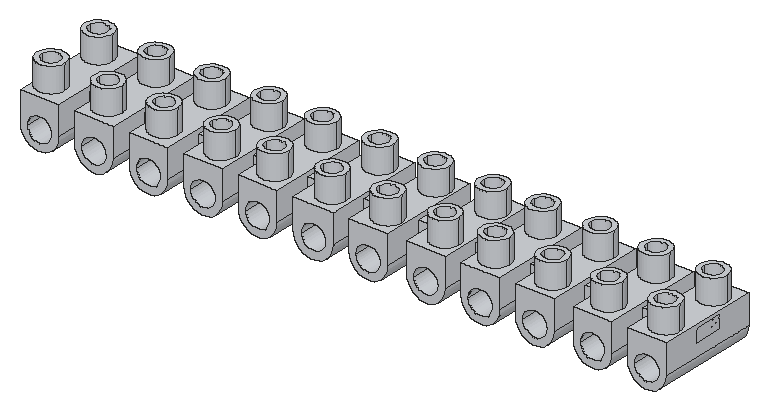
Revit family "CS15A", category Generic Models, Revit 2017
Family settings
  Can host rebar = No
  Round Connector Dimension = Use Diameter
  Part Type = Normal
  Work Plane-Based = Yes
  Always vertical = No
  Cut with Voids When Loaded = No
  Shared = No
  Room Calculation Point = No
Parameters (values of type "NBS Standard Parameters")
  Weight = "0.0398Kg"
  WarrantyStartDate [instance] = "1900-12-31T23:59:59"
  WarrantyGuarantorParts = "n/a"
  WarrantyGuarantorLabor = "n/a"
  WarrantyDurationUnit = "1 year"
  WarrantyDurationParts = "n/a"
  WarrantyDurationLabor = "n/a"
  WarrantyDescription = "n/a"
  Version = "1"
  Uniclass2 = "Pr_65_72_97_27"
  TagNumber [instance] = "n/a"
  SustainabilityPerformance = "n/a"
  Size = "15amp"
  Shape = "Rectangular"
  SerialNumber [instance] = "n/a"
  Revision = "n/a"
  ReplacementCost = "n/a"
  ProductInformation = "www.metpro.co.uk/pdf/cs15a.pdf"
  NominalWidth = 21 mm
  NominalLength = 137 mm
  NominalHeight = 16 mm
  Name = ""
  NBSTypeID = ""
  NBSReference = "90-60-25/485"
  NBSOfficeMasterTag = ""
  NBSNote = ""
  NBSDescription = "Electrical Connection Boxes"
  NBSCertification = ""
  ModelReference = "CS15A"
  ModelNumber = "n/a"
  Material = "Polyethylene"
  ManufacturerURL = "www.metpro.co.uk"
  ManufacturerName = "Metpro Ltd"
  Keynote = "Max Temperature 80 Degree Celsius"
  InstallationDate [instance] = "1900-12-31T23:59:59"
  IfcExportType = ""
  IfcExportAs = ""
  Grade = "n/a"
  Finish = "Natural"
  Features = "n/a"
  ExpectedLife = "n/a"
  DurationUnit = "year"
  Description = "CS15A - 15 Amp 12 way Connector Strip"
  Default Elevation = 1219.2 mm
  Constituents = "n/a"
  Color = "n/a"
  CodePerformance = "n/a"
  Category = "n/a"
  BarCode [instance] = "n/a"
  BIMObjectName = "Metpro_metprolibrary_Electricalconnectionbox_connectorstrip_polyproplene"
  Author = ""
  AssetType = ""
  AssetIdentifier [instance] = "n/a"
  AccessibilityPerformance = "n/a"
Reference planes
  plane 1 "Center (Front/Back)": y = 0
  plane 2: z = 0
  plane 3 "Center (Left/Right)": x = 0
Forms (mm)
  Extrusion 1, solid
    sketch origin (-10651.478, 180.485, 0) x (0, 0, -1) y (-1, 0, 0)
      loop
        arc (-13.265, -109.245) -> (-9.265, -105.245) -> (-13.265, -101.245) r 4
        line (-13.265, -101.245) -> (-19.232, -101.245) -> (-19.232, -109.245) -> (-13.265, -109.245)
      loop
        circle (-13.265, -105.245) r 2.54
      loop
        arc (-13.265, -97.995) -> (-9.265, -93.995) -> (-13.265, -89.995) r 4
        line (-13.265, -89.995) -> (-19.232, -89.995) -> (-19.232, -97.995) -> (-13.265, -97.995)
      loop
        circle (-13.265, -93.995) r 2.54
      loop
        arc (-13.265, -86.12) -> (-9.265, -82.12) -> (-13.265, -78.12) r 4
        line (-13.265, -78.12) -> (-19.232, -78.12) -> (-19.232, -86.12) -> (-13.265, -86.12)
      loop
        circle (-13.265, -82.12) r 2.54
      loop
        arc (-13.265, -74.87) -> (-9.265, -70.87) -> (-13.265, -66.87) r 4
        line (-13.265, -66.87) -> (-19.232, -66.87) -> (-19.232, -74.87) -> (-13.265, -74.87)
      loop
        circle (-13.265, -70.87) r 2.54
      loop
        arc (-13.265, -63.62) -> (-9.265, -59.62) -> (-13.265, -55.62) r 4
        line (-13.265, -55.62) -> (-19.232, -55.62) -> (-19.232, -63.62) -> (-13.265, -63.62)
      loop
        circle (-13.265, -59.62) r 2.54
      loop
        arc (-13.265, -51.745) -> (-9.265, -47.745) -> (-13.265, -43.745) r 4
        line (-13.265, -43.745) -> (-19.232, -43.745) -> (-19.232, -51.745) -> (-13.265, -51.745)
      loop
        circle (-13.265, -47.745) r 2.54
      loop
        arc (-13.265, -40.495) -> (-9.109, -36.339) -> (-13.265, -32.183) r 4.156
        line (-13.265, -32.183) -> (-19.232, -32.183) -> (-19.232, -40.495) -> (-13.265, -40.495)
      loop
        circle (-13.265, -36.495) r 2.54
      loop
        arc (-13.265, -28.933) -> (-9.265, -24.933) -> (-13.265, -20.933) r 4
        line (-13.265, -20.933) -> (-19.232, -20.933) -> (-19.232, -28.933) -> (-13.265, -28.933)
      loop
        circle (-13.265, -24.933) r 2.54
      loop
        arc (-13.265, -17.683) -> (-9.265, -13.683) -> (-13.265, -9.683) r 4
        line (-13.265, -9.683) -> (-19.232, -9.683) -> (-19.232, -17.683) -> (-13.265, -17.683)
      loop
        circle (-13.265, -13.683) r 2.54
      loop
        arc (-13.265, -6.433) -> (-9.265, -2.433) -> (-13.265, 1.567) r 4
        line (-13.265, 1.567) -> (-19.232, 1.567) -> (-19.232, -6.433) -> (-13.265, -6.433)
      loop
        circle (-13.265, -2.433) r 2.54
      loop
        arc (-13.265, 4.817) -> (-9.265, 8.817) -> (-13.265, 12.817) r 4
        line (-13.265, 12.817) -> (-19.232, 12.817) -> (-19.232, 4.817) -> (-13.265, 4.817)
      loop
        circle (-13.265, 8.817) r 2.54
      loop
        arc (-13.265, 16.067) -> (-9.265, 20.067) -> (-13.265, 24.067) r 4
        line (-13.265, 24.067) -> (-19.232, 24.067) -> (-19.232, 16.067) -> (-13.265, 16.067)
      loop
        circle (-13.265, 20.067) r 2.54
    from -10.508 to 10.539
  Extrusion 2, solid
    sketch origin (-10542.233, 180.485, 19.232) x (-1, 0, 0) y (0, -1, 0)
      loop
        line (0, 2.849) -> (0, -2.99) -> (133.313, -2.99) -> (133.313, 2.849) -> (0, 2.849)
    from -0.763 to -3.25
  Extrusion 3, solid
    sketch origin (-10542.233, 180.485, 19.232) x (-1, 0, 0) y (0, -1, 0)
      loop
        circle (3.677, 6.12) r 2.891
      loop
        circle (3.677, -6.12) r 2.891
      loop
        circle (3.677, -6.12) r 1.891
      loop
        circle (3.677, 6.12) r 1.891
      loop
        circle (15.485, 6.12) r 2.891
      loop
        circle (15.485, -6.12) r 2.891
      loop
        circle (15.485, -6.12) r 1.891
      loop
        circle (15.485, 6.12) r 1.891
      loop
        circle (38.808, 6.12) r 2.891
      loop
        circle (38.808, -6.12) r 2.891
      loop
        circle (38.808, -6.12) r 1.891
      loop
        circle (38.808, 6.12) r 1.891
      loop
        circle (27, 6.12) r 2.891
      loop
        circle (27, -6.12) r 2.891
      loop
        circle (27, -6.12) r 1.891
      loop
        circle (27, 6.12) r 1.891
      loop
        circle (84.303, 6.12) r 2.891
      loop
        circle (84.303, -6.12) r 2.891
      loop
        circle (84.303, -6.12) r 1.891
      loop
        circle (84.303, 6.12) r 1.891
      loop
        circle (72.495, 6.12) r 2.891
      loop
        circle (72.495, -6.12) r 2.891
      loop
        circle (72.495, -6.12) r 1.891
      loop
        circle (72.495, 6.12) r 1.891
      loop
        circle (49.172, 6.12) r 2.891
      loop
        circle (49.172, -6.12) r 2.891
      loop
        circle (49.172, -6.12) r 1.891
      loop
        circle (49.172, 6.12) r 1.891
      loop
        circle (60.979, 6.12) r 2.891
      loop
        circle (60.979, -6.12) r 2.891
      loop
        circle (60.979, -6.12) r 1.891
      loop
        circle (60.979, 6.12) r 1.891
      loop
        circle (95.34, 6.12) r 2.891
      loop
        circle (95.34, -6.12) r 2.891
      loop
        circle (95.34, -6.12) r 1.891
      loop
        circle (95.34, 6.12) r 1.891
      loop
        circle (107.148, 6.12) r 2.891
      loop
        circle (107.148, -6.12) r 2.891
      loop
        circle (107.148, -6.12) r 1.891
      loop
        circle (107.148, 6.12) r 1.891
      loop
        circle (130.471, 6.12) r 2.891
      loop
        circle (130.471, -6.12) r 2.891
      loop
        circle (130.471, -6.12) r 1.891
      loop
        circle (130.471, 6.12) r 1.891
      loop
        circle (118.663, 6.12) r 2.891
      loop
        circle (118.663, -6.12) r 2.891
      loop
        circle (118.663, -6.12) r 1.891
      loop
        circle (118.663, 6.12) r 1.891
    from 0 to 5
Dimensions and locks
  aligned and locked: level to plane 2
